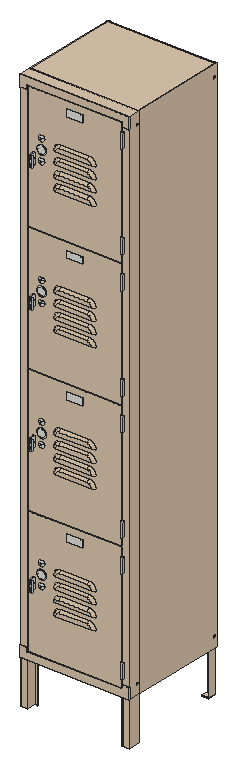
Revit family "Metal_Lockers-Salsbury_Industries-54000_Series-1_Wide_Units", category Specialty Equipment, Revit 2016 (continued)
Definition of nested family "Metal Locker Doors-15 inch with Latch Hasps"
  Forms (in)
    Blend 7, solid, material <- "Primary Structure Material", visible <- "Visible"
      top sketch origin (0.875, -0.6375, 3.057) x (1, 0, 0) y (0, 0, 1)
        loop
          line (-3.30734, 7.593) -> (1.55734, 7.593)
          arc (1.55734, 7.593) -> (1.39259, 7.99075) -> (0.99484, 8.1555) r 0.5625
          line (0.99484, 8.1555) -> (-2.74484, 8.1555)
          arc (-2.74484, 8.1555) -> (-3.14259, 7.99075) -> (-3.30734, 7.593) r 0.5625
      from 0 to 0
    Blend 8, solid, material <- "Primary Structure Material", visible <- "Visible"
      base sketch origin (0.875, -0.45, 4.501) x (1, 0, 0) y (0, 0, 1)
        loop
          line (-3.75, 4.524) -> (2, 4.524)
          arc (2, 4.524) -> (1.70711, 5.23111) -> (1, 5.524) r 1
          line (1, 5.524) -> (-2.75, 5.524)
          arc (-2.75, 5.524) -> (-3.45711, 5.23111) -> (-3.75, 4.524) r 1
      top sketch origin (0.875, -0.6375, 4.501) x (1, 0, 0) y (0, 0, 1)
        loop
          line (-3.30734, 4.524) -> (1.55734, 4.524)
          arc (1.55734, 4.524) -> (1.39612, 4.91321) -> (1.00691, 5.07443) r 0.55043
          line (1.00691, 5.07443) -> (-2.75691, 5.07443)
          arc (-2.75691, 5.07443) -> (-3.14612, 4.91321) -> (-3.30734, 4.524) r 0.55043
      from 0 to 0
    Blend 9, solid, material <- "Primary Structure Material", visible <- "Visible"
      base sketch origin (0.875, -0.45, -0.193) x (1, 0, 0) y (0, 0, 1)
        loop
          line (-3.75, 7.593) -> (2, 7.593)
          arc (2, 7.593) -> (1.70711, 8.30011) -> (1, 8.593) r 1
          line (1, 8.593) -> (-2.75, 8.593)
          arc (-2.75, 8.593) -> (-3.45711, 8.30011) -> (-3.75, 7.593) r 1
      top sketch origin (0.875, -0.6375, -0.193) x (1, 0, 0) y (0, 0, 1)
        loop
          line (-3.30734, 7.593) -> (1.55734, 7.593)
          arc (1.55734, 7.593) -> (1.40401, 7.96317) -> (1.03384, 8.1165) r 0.5235
          line (1.03384, 8.1165) -> (-2.78384, 8.1165)
          arc (-2.78384, 8.1165) -> (-3.15401, 7.96317) -> (-3.30734, 7.593) r 0.5235
      from 0 to 0
    Blend 10, solid, material <- "Primary Structure Material", visible <- "Visible"
      base sketch origin (0.875, -0.45, 1.251) x (1, 0, 0) y (0, 0, 1)
        loop
          line (-3.75, 4.524) -> (2, 4.524)
          arc (2, 4.524) -> (1.70711, 5.23111) -> (1, 5.524) r 1
          line (1, 5.524) -> (-2.75, 5.524)
          arc (-2.75, 5.524) -> (-3.45711, 5.23111) -> (-3.75, 4.524) r 1
      top sketch origin (0.875, -0.6375, 1.251) x (1, 0, 0) y (0, 0, 1)
        loop
          line (-3.30734, 4.524) -> (1.55734, 4.524)
          arc (1.55734, 4.524) -> (1.39629, 4.9128) -> (1.00749, 5.07385) r 0.54985
          line (1.00749, 5.07385) -> (-2.75749, 5.07385)
          arc (-2.75749, 5.07385) -> (-3.14629, 4.9128) -> (-3.30734, 4.524) r 0.54985
      from 0 to 0
    Blend 11, solid, material <- "Hasp Plate Rivet Material", visible <- "Visible", detail levels medium+fine
      base sketch origin (0, -0.45, 0) x (1, 0, 0) y (0, 0, 1)
        loop
          circle (-4.576, 8.68) r 0.375
      top sketch origin (0, -0.45, 0) x (1, 0, 0) y (0, 0, 1)
        loop
          circle (-4.576, 8.68) r 0.09706
      from 0 to 0.03497
    Blend 12, solid, material <- "Hasp Plate Rivet Material", visible <- "Visible", detail levels medium+fine
      base sketch origin (0, -0.45, 2.83682) x (1, 0, 0) y (0, 0, 1)
        loop
          circle (-4.576, 8.68) r 0.375
      top sketch origin (0, -0.45, 2.83682) x (1, 0, 0) y (0, 0, 1)
        loop
          circle (-4.576, 8.68) r 0.09706
      from 0 to 0.03497
    Blend 13, solid, material <- "Hasp Plate Rivet Material", visible <- "Visible", detail levels medium+fine
      base sketch origin (0, -0.45, -0.16841) x (1, 0, 0) y (0, 0, 1)
        loop
          circle (-4.576, 10.26682) r 0.625
      top sketch origin (0, -0.45, -0.16841) x (1, 0, 0) y (0, 0, 1)
        loop
          circle (-4.576, 10.26682) r 0.58088
      from 0 to 0.03497
    Extrusion 14, solid, material <- "Hasp Plate Rivet Material", visible <- "Visible"
      sketch origin (0, 0, 7.961) x (0, -1, 0) y (1, 0, 0)
        loop
          line (-0.45, -5.57527) -> (-0.45, -5.63777) -> (1.2, -5.63777)
          arc (1.2, -5.63777) -> (1.24419, -5.61946) -> (1.2625, -5.57527) r 0.0625
          line (1.2625, -5.57527) -> (1.2625, -5.26277) -> (1.20579, -5.26277) -> (1.20579, -5.5127)
          arc (1.20579, -5.5127) -> (1.18746, -5.55694) -> (1.14322, -5.57527) r 0.06257
          line (1.14322, -5.57527) -> (-0.45, -5.57527)
      from 0 to 1.438
    Extrusion 15, solid, material <- "Hasp Plate Rivet Material", visible <- "Visible"
      sketch origin (0, 0, 7.961) x (0, -1, 0) y (1, 0, 0)
        loop
          line (-0.45, -5.70027) -> (1.2625, -5.70027) -> (1.2625, -5.63777) -> (-0.45, -5.63777) -> (-0.45, -5.70027)
      from 0 to 1.438
    Extrusion 16, void
      sketch origin (-5.513, 0, 0) x (0, 0, -1) y (0, -1, 0)
        loop
          circle (-8.68, 0.82219) r 0.375
      from 0 to 0.25
  Cuts and joins
    Extrusion 3, Extrusion 6 cuts Extrusion 1
    Extrusion 16 cuts Extrusion 14
    Extrusion 16 cuts Extrusion 15
  Lines and regions (in)
    symbolic lines
      curve 1: line (-6.4505, -0.45, 17.36) -> (6.4505, -0.45, 17.36)
      curve 2: line (-6.4505, -0.45, 0) -> (-6.4505, -0.45, 17.36)
      curve 3: line (6.4505, -0.45, 0) -> (-6.4505, -0.45, 0)
      curve 4: line (6.4505, -0.45, 17.36) -> (6.4505, -0.45, 0)
      curve 5: line (2.43234, -0.6375, 7.961) -> (2.875, -0.45, 7.961)
      curve 6: line (-2.43234, -0.6375, 7.961) -> (-2.875, -0.45, 7.961)
      curve 7: line (-2.43234, -0.6375, 7.961) -> (2.43234, -0.6375, 7.961)
      curve 8: line (-2.875, -0.45, 10.65) -> (2.875, -0.45, 10.65)
      curve 9: line (1.875, -0.45, 11.65) -> (-1.875, -0.45, 11.65)
      curve 10: line (-2.875, -0.45, 9.025) -> (2.875, -0.45, 9.025)
      curve 11: line (1.875, -0.45, 10.025) -> (-1.875, -0.45, 10.025)
      curve 12: line (-2.875, -0.45, 7.4) -> (2.875, -0.45, 7.4)
      curve 13: line (1.875, -0.45, 8.4) -> (-1.875, -0.45, 8.4)
      curve 14: line (-2.875, -0.45, 5.775) -> (2.875, -0.45, 5.775)
      curve 15: line (1.875, -0.45, 6.775) -> (-1.875, -0.45, 6.775)
      curve 16: arc (-2.875, -0.45, 10.65) -> (-2.58211, -0.45, 11.35711) -> (-1.875, -0.45, 11.65) r 1
      curve 17: arc (2.875, -0.45, 10.65) -> (2.58211, -0.45, 11.35711) -> (1.875, -0.45, 11.65) r 1
      curve 18: arc (-2.875, -0.45, 9.025) -> (-2.58211, -0.45, 9.73211) -> (-1.875, -0.45, 10.025) r 1
      curve 19: arc (2.875, -0.45, 9.025) -> (2.58211, -0.45, 9.73211) -> (1.875, -0.45, 10.025) r 1
      curve 20: arc (-2.875, -0.45, 7.4) -> (-2.58211, -0.45, 8.10711) -> (-1.875, -0.45, 8.4) r 1
      curve 21: arc (2.875, -0.45, 7.4) -> (2.58211, -0.45, 8.10711) -> (1.875, -0.45, 8.4) r 1
      curve 22: arc (-2.875, -0.45, 5.775) -> (-2.58211, -0.45, 6.48211) -> (-1.875, -0.45, 6.775) r 1
      curve 23: arc (2.875, -0.45, 5.775) -> (2.58211, -0.45, 6.48211) -> (1.875, -0.45, 6.775) r 1
      curve 24: line (-5.513, -1.2625, 9.399) -> (-5.513, -0.45, 9.399)
      curve 25: line (-5.513, -1.2625, 7.961) -> (-5.513, -0.45, 7.961)
      curve 26: line (-5.513, -1.2625, 9.399) -> (-5.513, -1.2625, 7.961)
      curve 27: line (-5.70027, -0.44719, 7.961) -> (-5.63777, -0.44719, 7.961)
      curve 28: line (-5.70027, -1.2625, 7.961) -> (-5.70027, -0.44719, 7.961)
      curve 29: line (-5.63777, -1.2625, 7.961) -> (-5.70027, -1.2625, 7.961)
      curve 30: line (-5.63777, -0.44719, 7.961) -> (-5.63777, -1.2625, 7.961)
      curve 31: line (-5.57527, -0.44719, 7.961) -> (-5.57527, -1.14322, 7.961)
      curve 32: line (-5.5127, -1.20579, 7.961) -> (-5.26277, -1.20579, 7.961)
      curve 33: line (-5.26277, -1.20579, 7.961) -> (-5.26277, -1.2625, 7.961)
      curve 34: line (-5.26277, -1.2625, 7.961) -> (-5.57527, -1.2625, 7.961)
      curve 35: arc (-5.57527, -1.2625, 7.961) -> (-5.61946, -1.24419, 7.961) -> (-5.63777, -1.2, 7.961) r 0.0625
      curve 36: arc (-5.57527, -1.14322, 7.961) -> (-5.55694, -1.18746, 7.961) -> (-5.5127, -1.20579, 7.961) r 0.06257
      curve 37: line (-5.70027, -0.45, 9.399) -> (-5.26277, -0.45, 9.399)
      curve 38: line (-5.70027, -0.45, 7.961) -> (-5.70027, -0.45, 9.399)
      curve 39: line (-5.26277, -0.45, 7.961) -> (-5.70027, -0.45, 7.961)
      curve 40: line (-5.26277, -0.45, 9.399) -> (-5.26277, -0.45, 7.961)
      curve 41: line (-5.63777, -0.45, 9.399) -> (-5.63777, -0.45, 7.961)
      curve 42: circle (-4.576, -0.45, 10.09841) r 0.625 normal (0, -1, 0)
      curve 43: circle (-4.576, -0.45, 11.51682) r 0.37228 normal (0, -1, 0)
      curve 44: circle (-4.576, -0.45, 8.68) r 0.375 normal (0, -1, 0)
  Dimensions and locks (in)
    equal spacing: plane 5 "Top of Door", plane 4 "Center (Top/Bottom)", plane 2 "Bottom of Door"
    "Height": plane 5 "Top of Door" to plane 2 "Bottom of Door"
    equal spacing: plane 8 "Front of Door", plane 1 "Center (Front/Back)", plane 9 "Back of Door"
    "Depth": plane 8 "Front of Door" to plane 9 "Back of Door"
    equal spacing: plane 7 "Left Side of Door", plane 3 "Center (Left/Right)", plane 6 "Right Side of Door"
    "Width": plane 7 "Left Side of Door" to plane 6 "Right Side of Door"
    "Number Plate Alignment": plane 5 "Top of Door" to plane 10 "Top of Number Plate" to plane 22
    equal spacing: plane 17 "Left Side of Louvers", plane 3 "Center (Left/Right)", plane 18 "Right Side of Louvers"
    "Louver Width": plane 17 "Left Side of Louvers" to plane 18 "Right Side of Louvers"
    "Louver Set Vertical Alignment": plane 5 "Top of Door" to plane 11 "Top of Top Vent 1"
    plane 11 "Top of Top Vent 1" to plane 12 "Top of Top Vent 2" to plane 13 "Top of Top Vent 3" to plane 14 "Top of Top Vent 4" = 1.625", 1.625", 1.625"
    plane 29 "Top Hasp Stud Align" to plane 28 "Center Hasp Stud Align" to plane 15 "Top of Hasp Alignment" to plane 4 "Center (Top/Bottom)" to plane 16 "Bottom of Hasp Alignment" = 1.41841", 0.69941", 0.719", 0.719"
    "Hasp Height": plane 15 "Top of Hasp Alignment" to plane 16 "Bottom of Hasp Alignment"
    locked: plane 19 "Front of Louvers" to plane 8 "Front of Door" at 0.1875
    plane 20 to plane 3 "Center (Left/Right)" to plane 21 = 1.094" locked, 1.094" locked
    "Hinge 1 Placement": plane 5 "Top of Door" to plane 25 "Top of Hinge 1"
    "Hinge 2 Placement": plane 5 "Top of Door" to plane 24 "Top of Hinge 2"
    plane 7 "Left Side of Door" to plane 26 "Left Hasp Hole Align" to plane 27 "Right Hasp Hole Align" to plane 30 "Vertical Hasp Stud Align" = 0.6875" locked, 0.250" locked, 0.937" locked
    plane 11 "Top of Top Vent 1" to plane 31 = 1.000"
    plane 12 "Top of Top Vent 2" to plane 32 = 1.000"
    plane 13 "Top of Top Vent 3" to plane 33 = 1.000"
    plane 14 "Top of Top Vent 4" to plane 34 = 1.000"
    locked: plane 36 to plane 35 "Vertical Center Hasp Align" at 0.0625
    locked: plane 35 "Vertical Center Hasp Align" to plane 37 at 0.375
    locked: plane 26 "Left Hasp Hole Align" to plane 35 "Vertical Center Hasp Align" at 0.12523
    plane 17 "Left Side of Louvers" to plane 39 = 0.44266"
    plane 38 to plane 18 "Right Side of Louvers" = 0.44266"
    aligned and locked: level to plane 2 "Bottom of Door"
    aligned and locked: plane 5 "Top of Door" to Extrusion 1 sketch curve
    aligned and locked: Extrusion 1 sketch curve to plane 7 "Left Side of Door"
    aligned and locked: plane 2 "Bottom of Door" to Extrusion 1 sketch curve
    aligned and locked: plane 6 "Right Side of Door" to Extrusion 1 sketch curve
    aligned and locked: plane 15 "Top of Hasp Alignment" to Extrusion 6 sketch curve
    aligned and locked: Extrusion 6 sketch curve to plane 26 "Left Hasp Hole Align"
    aligned and locked: Extrusion 6 sketch curve to plane 16 "Bottom of Hasp Alignment"
    aligned and locked: plane 27 "Right Hasp Hole Align" to Extrusion 6 sketch curve
    aligned and locked: plane 11 "Top of Top Vent 1" to Blend 7
    aligned and locked: plane 12 "Top of Top Vent 2" to Blend 8
    aligned and locked: plane 13 "Top of Top Vent 3" to Blend 9
    aligned and locked: plane 14 "Top of Top Vent 4" to Blend 10
    aligned and locked: Blend 7 to plane 31
    aligned and locked: Blend 7 sketch curve to plane 11 "Top of Top Vent 1"
    aligned and locked: Blend 7 sketch curve to plane 31  (x2)
    aligned and locked: Blend 8 sketch curve to plane 12 "Top of Top Vent 2"
    aligned and locked: Blend 8 sketch curve to plane 32  (x2)
    aligned and locked: Blend 9 sketch curve to plane 13 "Top of Top Vent 3"
    aligned and locked: Blend 9 sketch curve to plane 33  (x2)
    aligned and locked: Blend 10 sketch curve to plane 14 "Top of Top Vent 4"
    aligned and locked: Blend 10 sketch curve to plane 34  (x2)
    aligned and locked: plane 29 "Top Hasp Stud Align" to Blend 12 sketch curve  (x2)
    aligned and locked: plane 4 "Center (Top/Bottom)" to Blend 11 sketch curve  (x2)
    aligned and locked: plane 28 "Center Hasp Stud Align" to Blend 13 sketch curve  (x2)
    aligned and locked: plane 35 "Vertical Center Hasp Align" to Extrusion 15 sketch curve
    aligned and locked: plane 35 "Vertical Center Hasp Align" to Extrusion 14 sketch curve
    aligned and locked: plane 4 "Center (Top/Bottom)" to Extrusion 16 sketch curve
    aligned and locked: plane 36 to cut or joined group of Extrusion 15, Extrusion 16
    aligned and locked: plane 37 to cut or joined group of Extrusion 14, Extrusion 16
    aligned and locked: curve 1 to cut or joined group of Extrusion 1, Extrusion 3, Extrusion 6
    aligned and locked: curve 2 to cut or joined group of Extrusion 1, Extrusion 3, Extrusion 6
    aligned and locked: curve 3 to cut or joined group of Extrusion 1, Extrusion 3, Extrusion 6
    aligned and locked: curve 4 to cut or joined group of Extrusion 1, Extrusion 3, Extrusion 6
    aligned and locked: curve 5 to Blend 8
    aligned and locked: curve 6 to Blend 8
    aligned and locked: curve 8 to Blend 7
    aligned and locked: curve 9 to Blend 7
    aligned and locked: curve 10 to Blend 8
    aligned and locked: curve 11 to Blend 8
    aligned and locked: curve 12 to Blend 9
    aligned and locked: curve 13 to Blend 9
    aligned and locked: curve 14 to Blend 10
    aligned and locked: curve 15 to Blend 10
    aligned and locked: curve 24 to cut or joined group of Extrusion 14, Extrusion 16
    aligned and locked: curve 25 to cut or joined group of Extrusion 14, Extrusion 16
    aligned and locked: curve 26 to cut or joined group of Extrusion 14, Extrusion 16
    aligned and locked: curve 28 to cut or joined group of Extrusion 15, Extrusion 16
    aligned and locked: curve 29 to cut or joined group of Extrusion 15, Extrusion 16
    aligned and locked: cut or joined group of Extrusion 15, Extrusion 16 to curve 30
    aligned and locked: cut or joined group of Extrusion 14, Extrusion 16 to curve 31
    aligned and locked: curve 32 to cut or joined group of Extrusion 14, Extrusion 16
    aligned and locked: curve 33 to cut or joined group of Extrusion 14, Extrusion 16
    aligned and locked: curve 34 to cut or joined group of Extrusion 14, Extrusion 16
    aligned and locked: curve 37 to cut or joined group of Extrusion 15, Extrusion 16
    aligned and locked: curve 38 to cut or joined group of Extrusion 15, Extrusion 16
    aligned and locked: curve 39 to cut or joined group of Extrusion 14, Extrusion 16
    aligned and locked: curve 40 to cut or joined group of Extrusion 14, Extrusion 16
    aligned and locked: curve 41 to cut or joined group of Extrusion 14, Extrusion 16
  Automatic sketch dimensions
    Extrusion 2 sketch curve to plane 3 "Center (Left/Right)" = 0.000"  (x2)
    plane 17 "Left Side of Louvers" to Extrusion 2 sketch curve = 0.14094"
    Extrusion 2 sketch curve to plane 18 "Right Side of Louvers" = 0.14094"
    Extrusion 2 sketch curve to level = 4.03954"
    plane 25 "Top of Hinge 1" to Extrusion 2 sketch curve = 0.31079"  (x2)
    Extrusion 2 sketch curve to plane 5 "Top of Door" = 12.81272"
    Extrusion 2 sketch curve to plane 20 = 0.02553"  (x2)
    plane 21 to Extrusion 2 sketch curve = 0.02553"
    Extrusion 2 sketch curve to plane 22 = 0.03897"
    plane 13 "Top of Top Vent 3" to Extrusion 3 sketch curve = 0.06135"
    Extrusion 3 sketch curve to plane 1 "Center (Front/Back)" = 0.0313"
    Extrusion 4 sketch curve to plane 6 "Right Side of Door" = 0.000"
    plane 8 "Front of Door" to Extrusion 4 sketch curve = 0.000"
    Extrusion 4 sketch curve to plane 19 "Front of Louvers" = 0.0625"
    Extrusion 4 sketch curve to plane 6 "Right Side of Door" = 0.125"
    Extrusion 5 sketch curve to plane 6 "Right Side of Door" = 0.000"
    plane 8 "Front of Door" to Extrusion 5 sketch curve = 0.000"
    Extrusion 5 sketch curve to plane 19 "Front of Louvers" = 0.0625"
    Extrusion 5 sketch curve to plane 6 "Right Side of Door" = 0.125"
    plane 17 "Left Side of Louvers" to Blend 7 sketch curve = 0.000"
    plane 18 "Right Side of Louvers" to Blend 7 sketch curve = 0.000"
    plane 23 "Center Hasp" to Blend 7 sketch curve = 0.65684"
    plane 20 to Blend 7 sketch curve = 0.77584"
    Blend 7 sketch curve to plane 21 = 0.77584"
    plane 17 "Left Side of Louvers" to Blend 8 sketch curve = 0.000"
    plane 18 "Right Side of Louvers" to Blend 8 sketch curve = 0.000"
    plane 23 "Center Hasp" to Blend 8 sketch curve = 0.65684"
    plane 20 to Blend 8 sketch curve = 0.78791"
    Blend 8 sketch curve to plane 21 = 0.78791"
    plane 17 "Left Side of Louvers" to Blend 9 sketch curve = 0.000"
    plane 18 "Right Side of Louvers" to Blend 9 sketch curve = 0.000"
    plane 23 "Center Hasp" to Blend 9 sketch curve = 0.65684"
    plane 16 "Bottom of Hasp Alignment" to Blend 9 sketch curve = 0.0375"
    Blend 9 sketch curve to plane 21 = 0.81484"
    plane 17 "Left Side of Louvers" to Blend 10 sketch curve = 0.000"
    plane 18 "Right Side of Louvers" to Blend 10 sketch curve = 0.000"
    plane 23 "Center Hasp" to Blend 10 sketch curve = 0.65684"
    plane 20 to Blend 10 sketch curve = 0.78849"
    Blend 10 sketch curve to plane 21 = 0.78849"
    plane 30 "Vertical Hasp Stud Align" to Blend 11 sketch curve = 0.000"  (x2)
    plane 30 "Vertical Hasp Stud Align" to Blend 12 sketch curve = 0.000"  (x2)
    plane 30 "Vertical Hasp Stud Align" to Blend 13 sketch curve = 0.000"  (x2)
    Extrusion 14 sketch curve to plane 1 "Center (Front/Back)" = 0.450"
    plane 27 "Right Hasp Hole Align" to Extrusion 14 sketch curve = 0.06227"
    Extrusion 14 sketch curve to plane 27 "Right Hasp Hole Align" = 0.0003"
    plane 19 "Front of Louvers" to Extrusion 14 sketch curve = 0.50572"
    Extrusion 14 sketch curve to Extrusion 14 sketch curve = 0.05678"
    Extrusion 14 sketch curve to Extrusion 14 sketch curve = 0.24993"
    plane 9 "Back of Door" to Extrusion 15 sketch curve = 0.000"
    plane 19 "Front of Louvers" to Extrusion 15 sketch curve = 0.625"
    Extrusion 15 sketch curve to plane 26 "Left Hasp Hole Align" = 0.06273"
    Extrusion 14 sketch curve to Extrusion 14 sketch curve = 0.06257"
    plane 19 "Front of Louvers" to Extrusion 16 sketch curve = 0.18469"
    curve 24 to plane 8 "Front of Door" = 0.000"
    curve 25 to plane 8 "Front of Door" = 0.000"
    curve 6 to plane 17 "Left Side of Louvers" = 0.000"
    curve 5 to plane 18 "Right Side of Louvers" = 0.000"
    curve 5 to plane 38 = 0.000"
    curve 30 to plane 8 "Front of Door" = 0.00281"
    curve 36 to plane 27 "Right Hasp Hole Align" = 0.0003"
    curve 36 to curve 35 = 0.05678"
    curve 31 to plane 8 "Front of Door" = 0.00281"
    curve 43 to plane 29 "Top Hasp Stud Align" = 0.000"
    plane 30 "Vertical Hasp Stud Align" to curve 43 = 0.000"
    curve 42 to plane 28 "Center Hasp Stud Align" = 0.000"
    plane 30 "Vertical Hasp Stud Align" to curve 42 = 0.000"
    curve 44 to plane 4 "Center (Top/Bottom)" = 0.000"
    plane 30 "Vertical Hasp Stud Align" to curve 44 = 0.000"
    plane 17 "Left Side of Louvers" to curve 20 = 0.000"
    plane 17 "Left Side of Louvers" to curve 10 = 0.000"
    plane 17 "Left Side of Louvers" to curve 14 = 0.000"
    plane 17 "Left Side of Louvers" to curve 8 = 0.000"
    plane 18 "Right Side of Louvers" to curve 23 = 0.000"
    plane 18 "Right Side of Louvers" to curve 10 = 0.000"
    plane 18 "Right Side of Louvers" to curve 21 = 0.000"
    plane 18 "Right Side of Louvers" to curve 17 = 0.000"
    radius of Extrusion 3 sketch curve = 0.200"
    radius of Blend 11 sketch curve = 0.375"
    radius of Blend 11 sketch curve = 0.09706"
    radius of Blend 12 sketch curve = 0.375"
    radius of Blend 12 sketch curve = 0.09706"
    radius of Blend 13 sketch curve = 0.625"
    radius of Blend 13 sketch curve = 0.58088"
    radius of Extrusion 16 sketch curve = 0.375"
    radius of curve 42 = 0.625"
    radius of curve 43 = 0.37228"
    radius of curve 44 = 0.375"
Definition of nested family "Metal Locker Front Base"
  Parameters (values of type "77745 - for 15" W Lockers with Legs")
    Width = 13.040"
    Visible [instance] = yes
    Version = "1.0 (11/30/15)"
    Type Comments = "Front Base for Standard Metal Lockers"
    Primary Structure Material = none
    Model = "77745"
    MasterFormat Title = ""
    MasterFormat Number = ""
    Manufacturer = "Salsbury Industries"
    Description = "Front Base for 15\" Wide Lockers"
    Depth = 1.185"
    Height = 6.000"
    Assembly Code = ""
  Types (3): name | Width | Visible | Model | Description
    77742 - for 12" W Lockers with Legs | 10.040" | yes | "77742" | "Front Base for 12\" Wide Lockers"
    77745 - for 15" W Lockers with Legs | 13.040" | yes | "77745" | "Front Base for 15\" Wide Lockers"
    None | 10.040" | no | "77742" | "Front Base for 12\" Wide Lockers"
  Reference planes (in)
    plane 1 "Center (Front/Back)": y = -5.417
    plane 2: z = 0
    plane 3 "Center (Left/Right)": x = 0
    plane 4 "Floor": z = 0
    plane 5 "Top of Enclosure": z = 6
    plane 6 "Front of Enclosure": y = -6.005
    plane 7 "Right Side of Enclosure": x = 6.52
    plane 8 "Left Side of Enclosure": x = -6.52
    plane 9 "Back of Enclosure": y = -4.82
  Forms (in)
    Extrusion 1, solid, material <- "Primary Structure Material", visible <- "Visible"
      sketch origin (0, -6.005, 0) x (1, 0, 0) y (0, 0, 1)
        loop
          line (-6.52, 6) -> (-6.52, 0) -> (6.52, 0) -> (6.52, 6) -> (-6.52, 6)
      from -0.06 to 0
    Extrusion 2, solid, material <- "Primary Structure Material", visible <- "Visible"
      sketch origin (0, 0, 0) x (0, 1, 0) y (0, 0, 1)
        loop
          line (-5.945, 6) -> (-5.945, 5.94) -> (-4.82, 5.94) -> (-4.82, 6) -> (-5.945, 6)
      from -6.52 to 6.52
    Extrusion 3, solid, material <- "Primary Structure Material", visible <- "Visible"
      sketch origin (6.52, 0, 0) x (0, 0, -1) y (0, -1, 0)
        loop
          line (-5.75, 5.945) -> (-5.75, 4.82) -> (-0.25, 4.82) -> (-0.25, 5.945) -> (-5.75, 5.945)
      from 0 to 0.06
    Extrusion 4, solid, material <- "Primary Structure Material", visible <- "Visible"
      sketch origin (-6.52, 0, 0) x (0, 0, -1) y (0, -1, 0)
        loop
          line (-5.75, 5.945) -> (-5.75, 4.82) -> (-0.25, 4.82) -> (-0.25, 5.945) -> (-5.75, 5.945)
      from 0 to -0.06
  Dimensions and locks (in)
    "Height": plane 5 "Top of Enclosure" to plane 4 "Floor"
    plane 6 "Front of Enclosure" to plane 1 "Center (Front/Back)" = 0.588"
    "Depth": plane 6 "Front of Enclosure" to plane 9 "Back of Enclosure"
    equal spacing: plane 8 "Left Side of Enclosure", plane 3 "Center (Left/Right)", plane 7 "Right Side of Enclosure"
    "Width": plane 8 "Left Side of Enclosure" to plane 7 "Right Side of Enclosure"
    aligned and locked: level to plane 2
    aligned and locked: plane 8 "Left Side of Enclosure" to Extrusion 2
    aligned and locked: Extrusion 2 to plane 7 "Right Side of Enclosure"
    aligned and locked: Extrusion 1 to plane 7 "Right Side of Enclosure"
  Automatic sketch dimensions
    Extrusion 1 sketch curve to Extrusion 1 sketch curve = 13.040"
    Extrusion 1 sketch curve to Extrusion 1 sketch curve = 6.000"
    Extrusion 2 sketch curve to Extrusion 2 sketch curve = 1.125"
    Extrusion 2 sketch curve to Extrusion 2 sketch curve = 0.060"
    Extrusion 3 sketch curve to Extrusion 3 sketch curve = 5.500"
    Extrusion 3 sketch curve to Extrusion 3 sketch curve = 1.125"
    Extrusion 4 sketch curve to Extrusion 4 sketch curve = 5.500"
    Extrusion 4 sketch curve to Extrusion 4 sketch curve = 1.125"
    Extrusion 1 sketch curve to level = 0.000"
    plane 8 "Left Side of Enclosure" to Extrusion 1 sketch curve = 0.000"
    plane 5 "Top of Enclosure" to Extrusion 2 sketch curve = 0.000"
    Extrusion 2 sketch curve to plane 9 "Back of Enclosure" = 0.000"
    Extrusion 3 sketch curve to plane 9 "Back of Enclosure" = 0.000"
    plane 5 "Top of Enclosure" to Extrusion 3 sketch curve = 0.250"
    Extrusion 4 sketch curve to plane 9 "Back of Enclosure" = 0.000"
    plane 5 "Top of Enclosure" to Extrusion 4 sketch curve = 0.250"
Definition of nested family "Metal Locker Right Side Base"
  Parameters (values of type "77732 Right - for 12" D Lockers with Legs")
    Width including Rivet [instance] = 1.290"
    Visible = yes
    Primary Structure Material = none
    Depth = 10.422"
    Version = "1.0 (11/30/15)"
    Type Comments = "End Base for Standard Metal Lockers"
    Model = "77732"
    MasterFormat Title = ""
    MasterFormat Number = ""
    Manufacturer = "Salsbury Industries"
    Description = "1.25\"W x 6\" H x 10\"D"
    Width = 1.250"
    Height = 6.000"
    Assembly Code = ""
  Types (4): name | Visible | Depth | Model | Description
    77732 Right - for 12" D Lockers with Legs | yes | 10.422" | "77732" | "1.25\"W x 6\" H x 10\"D"
    77735 Right - for 15" D Lockers with Legs | yes | 13.422" | "77735" | "1.25\"W x 6\" H x 13\"D"
    77738 Right - for 18" D Lockers with Legs | yes | 16.422" | "77738" | "1.25\"W x 6\" H x 16\"D"
    None | no | 10.422" | "" | ""
  Reference planes (in)
    plane 1 "Center (Front/Back)": y = 0
    plane 2: z = 0
    plane 3 "Center (Left/Right)": x = 5.395
    plane 4 "Floor": z = 0
    plane 5 "Top of Enclosure": z = 6
    plane 6 "Left Side of Unit": x = 4.77
    plane 7 "Right Side of Unit": x = 6.02
    plane 8 "Left Edge of Enclosure": y = -5.211
    plane 9 "Right Edge of Enclosure": y = 5.211
    plane 10 "Left Edge of Insert": y = -6.27647
    plane 11 "Right Edge of Insert": y = -5.15147
    plane 12 "Rivet Edge": x = 6.06
  Forms (in)
    Extrusion 1, solid, material <- "Primary Structure Material", visible <- "Visible"
      sketch origin (6.02, 0, 0) x (0, 0, -1) y (0, -1, 0)
        loop
          line (-6, 5.211) -> (-6, -5.211) -> (0, -5.211) -> (0, 5.211) -> (-6, 5.211)
      from 0 to 0.06
    Extrusion 2, solid, material <- "Primary Structure Material", visible <- "Visible"
      sketch origin (0, 0, 6) x (0, -1, 0) y (1, 0, 0)
        loop
          line (5.15147, 5.96) -> (5.15147, 5.9) -> (6.27647, 5.9) -> (6.27647, 5.96) -> (5.15147, 5.96)
      from -6 to 0
    Extrusion 3, solid, material <- "Primary Structure Material", visible <- "Visible"
      sketch origin (6.02, 0, 0) x (0, 0, -1) y (0, -1, 0)
        loop
          line (-6, 4.90147) -> (-6, -3.961) -> (-5.94, -3.961) -> (-5.94, 4.90147) -> (-6, 4.90147)
      from 0.06 to 1.25
    Extrusion 4, solid, material <- "Primary Structure Material", visible <- "Visible"
      sketch origin (6.02, 0, -5.94) x (0, 0, -1) y (0, -1, 0)
        loop
          line (-6, 4.90147) -> (-6, -3.961) -> (-5.94, -3.961) -> (-5.94, 4.90147) -> (-6, 4.90147)
      from 0.06 to 1.25
  Dimensions and locks (in)
    "Height": plane 5 "Top of Enclosure" to plane 4 "Floor"
    plane 10 "Left Edge of Insert" to plane 8 "Left Edge of Enclosure" to plane 11 "Right Edge of Insert" = 1.06547" locked, 0.05953" locked
    equal spacing: plane 8 "Left Edge of Enclosure", plane 1 "Center (Front/Back)", plane 9 "Right Edge of Enclosure"
    "Depth": plane 8 "Left Edge of Enclosure" to plane 9 "Right Edge of Enclosure"
    equal spacing: plane 6 "Left Side of Unit", plane 3 "Center (Left/Right)", plane 7 "Right Side of Unit"
    "Width": plane 6 "Left Side of Unit" to plane 7 "Right Side of Unit"
    locked: plane 7 "Right Side of Unit" to plane 12 "Rivet Edge" at 0.04
    "Width including Rivet": plane 6 "Left Side of Unit" to plane 12 "Rivet Edge"
    aligned and locked: level to plane 2
    aligned and locked: plane 11 "Right Edge of Insert" to Extrusion 2
    aligned and locked: plane 10 "Left Edge of Insert" to Extrusion 2
    aligned and locked: Extrusion 3 to Extrusion 1
    aligned and locked: plane 6 "Left Side of Unit" to Extrusion 3
  Automatic sketch dimensions
    plane 5 "Top of Enclosure" to Extrusion 1 sketch curve = 0.000"
    Extrusion 1 sketch curve to level = 0.000"
    Extrusion 2 sketch curve to plane 8 "Left Edge of Enclosure" = 0.05953"
    plane 7 "Right Side of Unit" to Extrusion 2 sketch curve = 0.120"
    Extrusion 2 sketch curve to Extrusion 2 sketch curve = 0.060"
    Extrusion 1 sketch curve to plane 8 "Left Edge of Enclosure" = 0.000"
    Extrusion 1 sketch curve to plane 9 "Right Edge of Enclosure" = 0.000"
    plane 10 "Left Edge of Insert" to Extrusion 2 sketch curve = 0.000"
    plane 5 "Top of Enclosure" to Extrusion 3 sketch curve = 0.000"
    Extrusion 3 sketch curve to Extrusion 3 sketch curve = 0.060"
    plane 9 "Right Edge of Enclosure" to Extrusion 3 sketch curve = 1.250"
    Extrusion 3 sketch curve to plane 11 "Right Edge of Insert" = 0.250"
    Extrusion 4 sketch curve to level = 0.000"
    level to Extrusion 4 sketch curve = 0.060"
    plane 9 "Right Edge of Enclosure" to Extrusion 4 sketch curve = 1.250"
    Extrusion 4 sketch curve to plane 11 "Right Edge of Insert" = 0.250"
Definition of nested family "Metal Locker Left Side Base"
  Parameters (values of type "77732 Left - for 12" D Lockers with Legs")
    Width including Rivet [instance] = 1.290"
    Visible = yes
    Primary Structure Material = none
    Depth = 10.422"
    Version = "1.0 (11/30/15)"
    Type Comments = "End Base for Standard Metal Lockers"
    Model = "77732"
    MasterFormat Title = ""
    MasterFormat Number = ""
    Manufacturer = "Salsbury Industries"
    Description = "1.25\"W x 6\" H x 10\"D"
    Width = 1.250"
    Height = 6.000"
    Assembly Code = ""
  Types (4): name | Visible | Depth | Model | Description
    77732 Left - for 12" D Lockers with Legs | yes | 10.422" | "77732" | "1.25\"W x 6\" H x 10\"D"
    77735 Left - for 15" D Lockers with Legs | yes | 13.422" | "77735" | "1.25\"W x 6\" H x 13\"D"
    77738 Left - for 18" D Lockers with Legs | yes | 16.422" | "77738" | "1.25\"W x 6\" H x 16\"D"
    None | no | 10.422" | "" | ""
  Reference planes (in)
    plane 1 "Center (Front/Back)": y = 0
    plane 2: z = 0
    plane 3 "Center (Left/Right)": x = 5.395
    plane 4 "Floor": z = 0
    plane 5 "Top of Enclosure": z = 6
    plane 6 "Left Side of Unit": x = 4.77
    plane 7 "Right Side of Unit": x = 6.02
    plane 8 "Left Edge of Enclosure": y = -5.211
    plane 9 "Right Edge of Enclosure": y = 5.211
    plane 10 "Left Edge of Insert": y = -6.27647
    plane 11 "Right Edge of Insert": y = -5.15147
    plane 12 "Edge of Rivet": x = 4.73
  Forms (in)
    Extrusion 1, solid, material <- "Primary Structure Material", visible <- "Visible"
      sketch origin (6.02, 0, 0) x (0, 0, -1) y (0, -1, 0)
        loop
          line (-6, 4.90147) -> (-6, -3.961) -> (-5.94, -3.961) -> (-5.94, 4.90147) -> (-6, 4.90147)
      from 0 to 1.19
    Extrusion 2, solid, material <- "Primary Structure Material", visible <- "Visible"
      sketch origin (6.02, 0, -5.94) x (0, 0, -1) y (0, -1, 0)
        loop
          line (-6, 4.90147) -> (-6, -3.961) -> (-5.94, -3.961) -> (-5.94, 4.90147) -> (-6, 4.90147)
      from 0 to 1.19
    Extrusion 3, solid, material <- "Primary Structure Material", visible <- "Visible"
      sketch origin (4.77, 0, 0) x (0, 0, -1) y (0, 1, 0)
        loop
          line (-6, -5.211) -> (0, -5.211) -> (0, 5.211) -> (-6, 5.211) -> (-6, -5.211)
      from 0 to 0.06
    Extrusion 4, solid, material <- "Primary Structure Material", visible <- "Visible"
      sketch origin (10.79, 0, 6) x (0, -1, 0) y (1, 0, 0)
        loop
          line (5.15147, -5.96) -> (6.27647, -5.96) -> (6.27647, -5.9) -> (5.15147, -5.9) -> (5.15147, -5.96)
      from -6 to 0
  Dimensions and locks (in)
    "Height": plane 5 "Top of Enclosure" to plane 4 "Floor"
    plane 10 "Left Edge of Insert" to plane 8 "Left Edge of Enclosure" to plane 11 "Right Edge of Insert" = 1.06547" locked, 0.05953" locked
    equal spacing: plane 8 "Left Edge of Enclosure", plane 1 "Center (Front/Back)", plane 9 "Right Edge of Enclosure"
    "Depth": plane 8 "Left Edge of Enclosure" to plane 9 "Right Edge of Enclosure"
    equal spacing: plane 6 "Left Side of Unit", plane 3 "Center (Left/Right)", plane 7 "Right Side of Unit"
    "Width": plane 6 "Left Side of Unit" to plane 7 "Right Side of Unit"
    "Width including Rivet": plane 12 "Edge of Rivet" to plane 7 "Right Side of Unit"
    plane 12 "Edge of Rivet" to plane 6 "Left Side of Unit" = 0.040"
    aligned and locked: level to plane 2
    aligned and locked: Extrusion 1 to Extrusion 3
    aligned and locked: Extrusion 2 to Extrusion 3
  Automatic sketch dimensions
    plane 5 "Top of Enclosure" to Extrusion 1 sketch curve = 0.000"
    Extrusion 1 sketch curve to Extrusion 1 sketch curve = 0.060"
    plane 9 "Right Edge of Enclosure" to Extrusion 1 sketch curve = 1.250"
    Extrusion 1 sketch curve to plane 11 "Right Edge of Insert" = 0.250"
    Extrusion 2 sketch curve to level = 0.000"
    level to Extrusion 2 sketch curve = 0.060"
    plane 9 "Right Edge of Enclosure" to Extrusion 2 sketch curve = 1.250"
    Extrusion 2 sketch curve to plane 11 "Right Edge of Insert" = 0.250"
    plane 5 "Top of Enclosure" to Extrusion 3 sketch curve = 0.000"
    Extrusion 3 sketch curve to level = 0.000"
    Extrusion 3 sketch curve to plane 8 "Left Edge of Enclosure" = 0.000"
    Extrusion 3 sketch curve to plane 9 "Right Edge of Enclosure" = 0.000"
    plane 11 "Right Edge of Insert" to Extrusion 4 sketch curve = 0.000"
    plane 10 "Left Edge of Insert" to Extrusion 4 sketch curve = 0.000"
    plane 6 "Left Side of Unit" to Extrusion 4 sketch curve = 0.120"
    Extrusion 4 sketch curve to Extrusion 4 sketch curve = 0.060"
Definition of nested family "Metal Locker Zee Base"
  Parameters (values of type "77575 - 15"W x 15"D")
    Width = 15.040"
    Visible = yes
    Version = "1.0 (11/30/15)"
    Type Comments = "Zee Base Kit for Standard Metal Lockers - No Legs"
    Primary Structure Material = none
    Model = "77575"
    MasterFormat Title = ""
    MasterFormat Number = ""
    Manufacturer = "Salsbury Industries"
    Description = "4\" H x 6' L - for 12\" Deep Lockers (Includes 6 Foot Front Base, 2 End Bases, Corner Splicer and 4 Rear Legs)"
    Depth = 15.010"
    Height = 4.000"
    Assembly Code = ""
  Types (7): name | Width | Visible | Model | Depth
    77572- 12" W x 12" D | 12.040" | yes | "77572" | 12.010"
    77575 - 12" W x 15" D | 12.040" | yes | "77575" | 15.010"
    77578 - 12"W x 18"D | 12.040" | yes | "77578" | 18.010"
    77575 - 15"W x 15"D | 15.040" | yes | "77575" | 15.010"
    77578 - 15"W x 18"D | 15.040" | yes | "77578" | 18.010"
    None | 12.040" | no | "77572" | 12.010"
    77578 - 12"W x 18" D (Bridge) | 12.007" | yes | "77578" | 18.010"
  Reference planes (in)
    plane 1 "Center (Front/Back)": y = 0
    plane 2: z = 0
    plane 3 "Center (Left/Right)": x = 0
    plane 4 "Floor": z = 0
    plane 5 "Bottom of Unit": z = 4
    plane 6 "Left Side of Unit": x = -7.52
    plane 7 "Right Side of Unit": x = 7.52
    plane 8 "Back of Unit": y = 7.505
    plane 9 "Front of Unit": y = -7.505
    plane 10 "Right Side of Door Opening": x = 6.52
    plane 11 "Left Side of Door Opening": x = -6.52
    plane 12 "Top of back legs": z = 4.185
    plane 13 "Back Edge of Front Facing": y = -5.917
    plane 14 "Inside Edge of Front Leg": x = -6.08
    plane 15 "Inside Edge of Right Leg": x = 6.08
    plane 16: y = -6.32
    plane 17 "Back Edge of Rear Legs": y = 7.395
    plane 18 "Right Edge of Rear Right Leg": x = 7.4
    plane 19 "Left Edge or Rear Left Leg": x = -7.4
    plane 20: y = 6.395
    plane 21 "Inside Edge or Rear Right Leg": x = 6.4
    plane 22 "Inside Edge or Left Rear Leg": x = -6.4
  Forms (in)
    Extrusion 1, solid, material <- "Primary Structure Material", visible <- "Visible"
      sketch origin (0, 0, 0) x (0, -1, 0) y (1, 0, 0)
        loop
          line (-7.395, 7.4) -> (-7.395, 6.4) -> (-7.335, 6.4) -> (-7.335, 7.34) -> (-6.395, 7.34) -> (-6.395, 7.4) -> (-7.395, 7.4)
      from 0.06 to 4.185
    Extrusion 2, solid, material <- "Primary Structure Material", visible <- "Visible"
      sketch origin (0, 0, 0) x (0, -1, 0) y (1, 0, 0)
        loop
          line (-7.395, 7.4) -> (-7.395, 6.4) -> (-6.395, 6.4) -> (-6.395, 7.4) -> (-7.395, 7.4)
      from 0 to 0.06
    Extrusion 3, solid, material <- "Primary Structure Material", visible <- "Visible"
      sketch origin (0, 0, 0) x (0, -1, 0) y (1, 0, 0)
        loop
          line (-7.395, -7.4) -> (-6.395, -7.4) -> (-6.395, -7.34) -> (-7.335, -7.34) -> (-7.335, -6.4) -> (-7.395, -6.4) -> (-7.395, -7.4)
      from 0.06 to 4.185
    Extrusion 4, solid, material <- "Primary Structure Material", visible <- "Visible"
      sketch origin (0, 0, 0) x (0, -1, 0) y (1, 0, 0)
        loop
          line (-7.395, -7.4) -> (-6.395, -7.4) -> (-6.395, -6.4) -> (-7.395, -6.4) -> (-7.395, -7.4)
      from 0 to 0.06
    Extrusion 5, solid, material <- "Primary Structure Material", visible <- "Visible"
      sketch origin (0, 0, 0) x (0, 1, 0) y (0, 0, 1)
        loop
          line (-7.505, 4) -> (-7.505, 3.94) -> (-5.917, 3.94) -> (-5.917, 0) -> (-4.269, 0) -> (-4.269, 0.06) -> (-5.857, 0.06) -> (-5.857, 4) -> (-7.505, 4)
      from -7.52 to 7.52
  Dimensions and locks (in)
    equal spacing: plane 6 "Left Side of Unit", plane 3 "Center (Left/Right)", plane 7 "Right Side of Unit"
    "Width": plane 6 "Left Side of Unit" to plane 7 "Right Side of Unit"
    "Height": plane 5 "Bottom of Unit" to plane 4 "Floor"
    equal spacing: plane 9 "Front of Unit", plane 1 "Center (Front/Back)", plane 8 "Back of Unit"
    "Depth": plane 9 "Front of Unit" to plane 8 "Back of Unit"
    plane 12 "Top of back legs" to plane 5 "Bottom of Unit" = 0.185"
    plane 6 "Left Side of Unit" to plane 11 "Left Side of Door Opening" = 1.000"
    plane 10 "Right Side of Door Opening" to plane 7 "Right Side of Unit" = 1.000"
    locked: plane 9 "Front of Unit" to plane 13 "Back Edge of Front Facing" at 1.588
    plane 11 "Left Side of Door Opening" to plane 14 "Inside Edge of Front Leg" = 0.440"
    plane 15 "Inside Edge of Right Leg" to plane 10 "Right Side of Door Opening" = 0.440"
    plane 9 "Front of Unit" to plane 16 = 1.185"
    plane 15 "Inside Edge of Right Leg" to plane 21 "Inside Edge or Rear Right Leg" to plane 10 "Right Side of Door Opening" to plane 18 "Right Edge of Rear Right Leg" to plane 7 "Right Side of Unit" = 0.320", 0.120", 0.880", 0.120"
    plane 6 "Left Side of Unit" to plane 19 "Left Edge or Rear Left Leg" to plane 11 "Left Side of Door Opening" to plane 22 "Inside Edge or Left Rear Leg" to plane 14 "Inside Edge of Front Leg" = 0.120", 0.880", 0.120", 0.320"
    plane 20 to plane 17 "Back Edge of Rear Legs" to plane 8 "Back of Unit" = 1.000", 0.110"
    aligned and locked: level to plane 2
    aligned and locked: Extrusion 1 to Extrusion 2
    aligned and locked: Extrusion 4 to Extrusion 3
    aligned and locked: Extrusion 1 to plane 18 "Right Edge of Rear Right Leg"
    aligned and locked: Extrusion 1 to plane 17 "Back Edge of Rear Legs"
    aligned and locked: Extrusion 3 to plane 19 "Left Edge or Rear Left Leg"
    aligned and locked: Extrusion 3 to plane 17 "Back Edge of Rear Legs"
    aligned and locked: Extrusion 1 to plane 12 "Top of back legs"
    aligned and locked: Extrusion 3 to plane 12 "Top of back legs"
    aligned and locked: Extrusion 5 to plane 7 "Right Side of Unit"
    aligned and locked: plane 6 "Left Side of Unit" to Extrusion 5
  Automatic sketch dimensions
    plane 17 "Back Edge of Rear Legs" to Extrusion 1 sketch curve = 0.000"
    Extrusion 1 sketch curve to plane 21 "Inside Edge or Rear Right Leg" = 0.000"
    Extrusion 1 sketch curve to plane 18 "Right Edge of Rear Right Leg" = 0.000"
    plane 20 to Extrusion 1 sketch curve = 0.000"
    plane 17 "Back Edge of Rear Legs" to Extrusion 1 sketch curve = 0.060"
    plane 18 "Right Edge of Rear Right Leg" to Extrusion 1 sketch curve = 0.060"
    plane 17 "Back Edge of Rear Legs" to Extrusion 2 sketch curve = 0.000"
    Extrusion 2 sketch curve to plane 18 "Right Edge of Rear Right Leg" = 0.000"
    plane 20 to Extrusion 2 sketch curve = 0.000"
    Extrusion 2 sketch curve to plane 21 "Inside Edge or Rear Right Leg" = 0.000"
    plane 17 "Back Edge of Rear Legs" to Extrusion 3 sketch curve = 0.000"
    Extrusion 3 sketch curve to plane 22 "Inside Edge or Left Rear Leg" = 0.000"
    Extrusion 3 sketch curve to plane 19 "Left Edge or Rear Left Leg" = 0.000"
    plane 20 to Extrusion 3 sketch curve = 0.000"
    Extrusion 3 sketch curve to plane 17 "Back Edge of Rear Legs" = 0.060"
    Extrusion 3 sketch curve to plane 19 "Left Edge or Rear Left Leg" = 0.060"
    plane 17 "Back Edge of Rear Legs" to Extrusion 4 sketch curve = 0.000"
    Extrusion 4 sketch curve to plane 19 "Left Edge or Rear Left Leg" = 0.000"
    plane 20 to Extrusion 4 sketch curve = 0.000"
    Extrusion 4 sketch curve to plane 22 "Inside Edge or Left Rear Leg" = 0.000"
    Extrusion 5 sketch curve to plane 9 "Front of Unit" = 0.000"
    Extrusion 5 sketch curve to level = 0.000"
    Extrusion 5 sketch curve to plane 13 "Back Edge of Front Facing" = 0.000"
    plane 5 "Bottom of Unit" to Extrusion 5 sketch curve = 0.000"
    Extrusion 5 sketch curve to plane 13 "Back Edge of Front Facing" = 0.060"
    Extrusion 5 sketch curve to Extrusion 5 sketch curve = 1.588"
    level to Extrusion 5 sketch curve = 0.060"
    plane 5 "Bottom of Unit" to Extrusion 5 sketch curve = 0.060"
Definition of nested family "Metal Locker Zee Base-Right Side"
  Parameters (values of type "77578 Right - 18" D")
    Width including Rivet [instance] = 1.290"
    Visible = yes
    Primary Structure Material = none
    Depth = 16.362"
    Version = "1.0 (11/30/15)"
    Type Comments = "Zee Base Kit for Standard Metal Lockers - No Legs"
    Model = "77578"
    MasterFormat Title = ""
    MasterFormat Number = ""
    Manufacturer = "Salsbury Industries"
    Description = "4\" H x 6' L - for 12\" Deep Lockers (Includes 6 Foot Front Base, 2 End Bases, Corner Splicer and 4 Rear Legs)"
    Width = 4.000"
    Height = 4.000"
    Assembly Code = ""
  Types (4): name | Visible | Depth | Type Comments | Model | Description
    77572 Right - 12" D | yes | 10.362" | "Zee Base Kit for Standard Metal Lockers - No Legs" | "77572" | "4\" H x 6' L - for 12\" Deep Lockers (Includes 6 Foot Front Base, 2 End Bases, Corner Splicer and 4 Rear Legs)"
    77575 Right - 15" D | yes | 13.362" | "Zee Base Kit for Standard Metal Lockers - No Legs" | "77575" | "4\" H x 6' L - for 12\" Deep Lockers (Includes 6 Foot Front Base, 2 End Bases, Corner Splicer and 4 Rear Legs)"
    77578 Right - 18" D | yes | 16.362" | "Zee Base Kit for Standard Metal Lockers - No Legs" | "77578" | "4\" H x 6' L - for 12\" Deep Lockers (Includes 6 Foot Front Base, 2 End Bases, Corner Splicer and 4 Rear Legs)"
    None | no | 10.362" | "End Base for Standard Metal Lockers" | "" | ""
  Reference planes (in)
    plane 1 "Center (Front/Back)": y = 0
    plane 2: z = 0
    plane 3 "Center (Left/Right)": x = 3.99
    plane 4 "Floor": z = 0
    plane 5 "Top of Enclosure": z = 4
    plane 6 "Left Edge of Insert": x = 4.77
    plane 7 "Right Side of Unit": x = 5.99
    plane 8 "Left Edge of Enclosure": y = -8.181
    plane 9 "Right Edge of Enclosure": y = 8.181
    plane 10 "Bottom Edge of Enclosure": z = 0.06
    plane 11 "Left Edge of Base": x = 1.99
  Forms (in)
    Extrusion 1, solid, material <- "Primary Structure Material", visible <- "Visible"
      sketch origin (5.99, 0, 0) x (0, 0, -1) y (0, -1, 0)
        loop
          line (-4, 6.93967) -> (-4, -6.931) -> (-3.94, -6.931) -> (-3.94, 6.93967) -> (-4, 6.93967)
      from 0.06 to 1.22
    Extrusion 2, solid, material <- "Primary Structure Material", visible <- "Visible"
      sketch origin (0, 0, 0) x (0, -1, 0) y (1, 0, 0)
        loop
          line (-8.181, 1.99) -> (-8.121, 1.99) -> (-8.121, 5.93) -> (8.121, 5.93) -> (8.121, 1.99) -> (8.181, 1.99) -> (8.181, 5.99) -> (-8.181, 5.99) -> (-8.181, 1.99)
      from 0.06 to 4
  Dimensions and locks (in)
    "Height": plane 5 "Top of Enclosure" to plane 4 "Floor"
    equal spacing: plane 8 "Left Edge of Enclosure", plane 1 "Center (Front/Back)", plane 9 "Right Edge of Enclosure"
    "Depth": plane 8 "Left Edge of Enclosure" to plane 9 "Right Edge of Enclosure"
    "Width": plane 11 "Left Edge of Base" to plane 7 "Right Side of Unit"
    equal spacing: plane 11 "Left Edge of Base", plane 3 "Center (Left/Right)", plane 7 "Right Side of Unit"
    locked: plane 4 "Floor" to plane 10 "Bottom Edge of Enclosure" at 0.06
    aligned and locked: level to plane 2
    aligned and locked: plane 6 "Left Edge of Insert" to Extrusion 1
    aligned and locked: Extrusion 2 to plane 9 "Right Edge of Enclosure"
    aligned and locked: Extrusion 2 to plane 10 "Bottom Edge of Enclosure"
    aligned and locked: plane 11 "Left Edge of Base" to Extrusion 2
  Automatic sketch dimensions
    plane 5 "Top of Enclosure" to Extrusion 1 sketch curve = 0.000"
    Extrusion 1 sketch curve to Extrusion 1 sketch curve = 0.060"
    plane 9 "Right Edge of Enclosure" to Extrusion 1 sketch curve = 1.250"
    Extrusion 1 sketch curve to plane 8 "Left Edge of Enclosure" = 1.24133"
    Extrusion 2 sketch curve to plane 7 "Right Side of Unit" = 0.000"
    plane 9 "Right Edge of Enclosure" to Extrusion 2 sketch curve = 0.000"
    plane 6 "Left Edge of Insert" to Extrusion 2 sketch curve = 2.780"  (x2)
    Extrusion 2 sketch curve to Extrusion 2 sketch curve = 0.060"
    plane 7 "Right Side of Unit" to Extrusion 2 sketch curve = 0.060"
    Extrusion 2 sketch curve to plane 8 "Left Edge of Enclosure" = 0.060"
    Extrusion 2 sketch curve to plane 8 "Left Edge of Enclosure" = 0.000"
Definition of nested family "Metal Locker Zee Base-Left Side"
  Parameters (values of type "77572 Left - 12" D")
    Width including Rivet [instance] = 1.290"
    Visible = yes
    Primary Structure Material = none
    Depth = 10.362"
    Version = "1.0 (11/30/15)"
    Type Comments = "Zee Base Kit for Standard Metal Lockers - No Legs"
    Model = "77572"
    MasterFormat Title = ""
    MasterFormat Number = ""
    Manufacturer = "Salsbury Industries"
    Description = "4\" H x 6' L - for 12\" Deep Lockers (Includes 6 Foot Front Base, 2 End Bases, Corner Splicer and 4 Rear Legs)"
    Width = 4.000"
    Height = 4.000"
    Assembly Code = ""
  Types (4): name | Visible | Depth | Type Comments | Model | Description
    77572 Left - 12" D | yes | 10.362" | "Zee Base Kit for Standard Metal Lockers - No Legs" | "77572" | "4\" H x 6' L - for 12\" Deep Lockers (Includes 6 Foot Front Base, 2 End Bases, Corner Splicer and 4 Rear Legs)"
    77575 Left - 15" D | yes | 13.362" | "Zee Base Kit for Standard Metal Lockers - No Legs" | "77575" | "4\" H x 6' L - for 12\" Deep Lockers (Includes 6 Foot Front Base, 2 End Bases, Corner Splicer and 4 Rear Legs)"
    77578 Left- 18" D | yes | 16.362" | "Zee Base Kit for Standard Metal Lockers - No Legs" | "77578" | "4\" H x 6' L - for 12\" Deep Lockers (Includes 6 Foot Front Base, 2 End Bases, Corner Splicer and 4 Rear Legs)"
    None | no | 10.362" | "End Base for Standard Metal Lockers" | "" | ""
  Reference planes (in)
    plane 1 "Center (Front/Back)": y = 0
    plane 2: z = 0
    plane 3 "Center (Left/Right)": x = 3.99
    plane 4 "Floor": z = 0
    plane 5 "Top of Enclosure": z = 4
    plane 6 "Right Side of Unit": x = 5.99
    plane 7 "Left Edge of Enclosure": y = -5.181
    plane 8 "Right Edge of Enclosure": y = 5.181
    plane 9 "Bottom Edge of Enclosure": z = 0.06
    plane 10 "Left Edge of Base": x = 1.99
    plane 11 "Right Edge of Inser": x = 3.21
  Forms (in)
    Extrusion 1, solid, material <- "Primary Structure Material", visible <- "Visible"
      sketch origin (7.98, 0, 0) x (0, -1, 0) y (1, 0, 0)
        loop
          line (-5.181, -1.99) -> (-5.181, -5.99) -> (5.181, -5.99) -> (5.181, -1.99) -> (5.121, -1.99) -> (5.121, -5.93) -> (-5.121, -5.93) -> (-5.121, -1.99) -> (-5.181, -1.99)
      from 0.06 to 4
    Extrusion 2, solid, material <- "Primary Structure Material", visible <- "Visible"
      sketch origin (1.99, 0, 0) x (0, 0, -1) y (0, 1, 0)
        loop
          line (-4, -3.93967) -> (-3.94, -3.93967) -> (-3.94, 3.931) -> (-4, 3.931) -> (-4, -3.93967)
      from 0.06 to 1.22
  Dimensions and locks (in)
    "Height": plane 5 "Top of Enclosure" to plane 4 "Floor"
    equal spacing: plane 7 "Left Edge of Enclosure", plane 1 "Center (Front/Back)", plane 8 "Right Edge of Enclosure"
    "Depth": plane 7 "Left Edge of Enclosure" to plane 8 "Right Edge of Enclosure"
    "Width": plane 10 "Left Edge of Base" to plane 6 "Right Side of Unit"
    equal spacing: plane 10 "Left Edge of Base", plane 3 "Center (Left/Right)", plane 6 "Right Side of Unit"
    locked: plane 4 "Floor" to plane 9 "Bottom Edge of Enclosure" at 0.06
    aligned and locked: level to plane 2
    aligned and locked: plane 10 "Left Edge of Base" to Extrusion 1
  Automatic sketch dimensions
    plane 8 "Right Edge of Enclosure" to Extrusion 1 sketch curve = 0.000"
    Extrusion 1 sketch curve to plane 6 "Right Side of Unit" = 0.000"  (x2)
    plane 7 "Left Edge of Enclosure" to Extrusion 1 sketch curve = 0.000"
    Extrusion 1 sketch curve to plane 10 "Left Edge of Base" = 0.000"
    Extrusion 1 sketch curve to Extrusion 1 sketch curve = 0.060"
    plane 7 "Left Edge of Enclosure" to Extrusion 1 sketch curve = 0.060"
    plane 10 "Left Edge of Base" to Extrusion 1 sketch curve = 0.060"
    plane 5 "Top of Enclosure" to Extrusion 2 sketch curve = 0.000"
    Extrusion 2 sketch curve to Extrusion 2 sketch curve = 0.060"
    Extrusion 2 sketch curve to plane 7 "Left Edge of Enclosure" = 1.24133"
    plane 8 "Right Edge of Enclosure" to Extrusion 2 sketch curve = 1.250"
Definition of nested family "Metal Locker Zee Base Corner"
  Parameters (values of type "77572, 77575, 77578")
    Width = 2.000"
    Visible = yes
    Version = "1.0 (11/30/15)"
    Type Comments = "Zee Base Kit for Standard Metal Lockers - No Legs"
    Primary Structure Material = none
    Model = "n/a"
    Manufacturer = "Salsbury Industries"
    Height = 3.940"
    Description = "4\" H x 6' L - for 12\" Deep Lockers (Includes 6 Foot Front Base, 2 End Bases, Corner Splicer and 4 Rear Legs)"
    Depth = 2.000"
  Types (2): name | Visible
    77572, 77575, 77578 | yes
    None | no
  Reference planes (in)
    plane 1 "Center (Front/Back)": y = 0
    plane 2 "Bottom of Component": z = 0
    plane 3 "Center (Left/Right)": x = 0
    plane 4: z = 3.94
    plane 5: x = -1
    plane 6: x = 1
    plane 7 "Front": y = -1
    plane 8 "Back": y = 1
  Forms (in)
    Extrusion 1, solid, material <- "Primary Structure Material", visible <- "Visible"
      sketch origin (0, 0, 0) x (1, 0, 0) y (0, 1, 0)
        loop
          line (-1, 1) -> (-1, 0.94) -> (0.94, 0.94) -> (0.94, -1) -> (1, -1) -> (1, 1) -> (-1, 1)
      from 0 to 3.94
  Dimensions and locks (in)
    "Height": plane 4 to plane 2 "Bottom of Component"
    equal spacing: plane 5, plane 3 "Center (Left/Right)", plane 6
    "Width": plane 5 to plane 6
    equal spacing: plane 7 "Front", plane 1 "Center (Front/Back)", plane 8 "Back"
    "Depth": plane 7 "Front" to plane 8 "Back"
    aligned and locked: plane 2 "Bottom of Component" to level
  Automatic sketch dimensions
    Extrusion 1 sketch curve to plane 5 = 0.000"
    plane 7 "Front" to Extrusion 1 sketch curve = 0.000"
    Extrusion 1 sketch curve to plane 6 = 0.000"
    plane 8 "Back" to Extrusion 1 sketch curve = 0.000"
    plane 6 to Extrusion 1 sketch curve = 0.060"
    Extrusion 1 sketch curve to Extrusion 1 sketch curve = 0.060"
Definition of nested family "Metal Locker End Panel"
  Parameters (values of type "77362 - for 6' H x 12" D Lockers")
    Width = 0.925"
    Visible = yes
    Version = "1.0 (11/30/15)"
    Type Comments = "Finished End Panel for Standard Metal Lockers"
    Primary Structure Material = none
    Model = "77362"
    MasterFormat Title = ""
    MasterFormat Number = ""
    Manufacturer = "Salsbury Industries"
    Height = 72.000"
    Description = "End Panel for 6' H x 12\" Deep Lockers"
    Depth = 12.010"
    Assembly Code = ""
  Types (7): name | Visible | Model | Height | Description | Depth
    77362 - for 6' H x 12" D Lockers | yes | "77362" | 72.000" | "End Panel for 6' H x 12\" Deep Lockers" | 12.010"
    77365 - for 6' H x 15" D Lockers | yes | "77365" | 72.000" | "End Panel for 6' H x 15\" Deep Lockers" | 15.010"
    77368 - for 6' H X 18" D Lockers | yes | "77368" | 72.000" | "End Panel for 6' H x 18\" Deep Lockers" | 18.010"
    77352 - for 5' H x 12" D Lockers | yes | "77352" | 60.000" | "End Panel for 5' H x 12\" Deep Lockers" | 12.010"
    77355 - for 5' H x 15" D Lockers | yes | "77355" | 60.000" | "End Panel for 5' H x 15\" Deep Lockers" | 15.010"
    77358 - for 5' H x 18" D Lockers | yes | "77358" | 60.000" | "End Panel for 5' H x 18\" Deep Lockers" | 18.010"
    None | no | "n/a" | 72.000" | "" | 12.010"
  Reference planes (in)
    plane 1 "Center (Front/Back)": y = -2.167
    plane 2: z = 0
    plane 3 "Center (Left/Right)": x = -4.595
    plane 4 "Bottom of Panel": z = 0
    plane 5 "Top of Panel": z = 72
    plane 6 "Front of Panel": y = -8.172
    plane 7 "Right Side of Enclosure": x = -4.1325
    plane 8 "Left Side of Enclosure": x = -5.0575
    plane 9 "Back of Panel": y = 3.838
    plane 10: z = 36
    plane 11: z = 70.283
    plane 12: z = 1.717
    plane 13 "Outside Edge of Front Flap": y = -8.23214
    plane 14 "Outside Edge of Back Flap": y = 3.898
  Forms (in)
    Extrusion 1, solid, material <- "Primary Structure Material", visible <- "Visible"
      sketch origin (-4.1325, 0.48244, 0) x (0, 0, -1) y (0, -1, 0)
        loop
          line (-72, 8.71458) -> (-72, -3.41556) -> (0, -3.41556) -> (0, 8.71458) -> (-72, 8.71458)
      from 0 to -0.06
    Extrusion 2, solid, material <- "Primary Structure Material", visible <- "Visible"
      sketch origin (0, 3.838, 0) x (0, 0, -1) y (1, 0, 0)
        loop
          line (-72, -5.0575) -> (0, -5.0575) -> (0, -4.1325) -> (-72, -4.1325) -> (-72, -5.0575)
      from 0 to -0.06
    Extrusion 3, solid, material <- "Primary Structure Material", visible <- "Visible"
      sketch origin (0, -8.172, 0) x (1, 0, 0) y (0, 0, 1)
        loop
          line (-5.0575, 70.283) -> (-5.0575, 1.717) -> (-4.1325, 1.717) -> (-4.1325, 70.283) -> (-5.0575, 70.283)
      from 0.06014 to 0
  Dimensions and locks (in)
    equal spacing: plane 6 "Front of Panel", plane 1 "Center (Front/Back)", plane 9 "Back of Panel"
    "Depth": plane 6 "Front of Panel" to plane 9 "Back of Panel"
    equal spacing: plane 8 "Left Side of Enclosure", plane 3 "Center (Left/Right)", plane 7 "Right Side of Enclosure"
    "Width": plane 8 "Left Side of Enclosure" to plane 7 "Right Side of Enclosure"
    equal spacing: plane 5 "Top of Panel", plane 10, plane 2
    "Height": plane 5 "Top of Panel" to plane 2
    locked: plane 5 "Top of Panel" to plane 11 at 1.717
    locked: plane 13 "Outside Edge of Front Flap" to plane 6 "Front of Panel" at 0.06014
    locked: plane 9 "Back of Panel" to plane 14 "Outside Edge of Back Flap" at 0.06
    aligned and locked: level to plane 2
    aligned and locked: plane 5 "Top of Panel" to Extrusion 1 sketch curve
    aligned and locked: plane 5 "Top of Panel" to Extrusion 2 sketch curve
    aligned and locked: Extrusion 2 to plane 9 "Back of Panel"
    aligned and locked: plane 11 to Extrusion 3 sketch curve
    aligned and locked: plane 6 "Front of Panel" to Extrusion 3
    aligned and locked: plane 14 "Outside Edge of Back Flap" to Extrusion 2
    aligned and locked: Extrusion 1 to plane 14 "Outside Edge of Back Flap"
    aligned and locked: plane 13 "Outside Edge of Front Flap" to Extrusion 3
    aligned and locked: Extrusion 2 to plane 7 "Right Side of Enclosure"
    aligned and locked: Extrusion 3 to plane 7 "Right Side of Enclosure"
  Automatic sketch dimensions
    Extrusion 1 sketch curve to level = 0.000"
    Extrusion 2 sketch curve to level = 0.000"
    plane 8 "Left Side of Enclosure" to Extrusion 2 sketch curve = 0.000"
    plane 7 "Right Side of Enclosure" to Extrusion 2 sketch curve = 0.000"
    plane 8 "Left Side of Enclosure" to Extrusion 3 sketch curve = 0.000"
    Extrusion 3 sketch curve to plane 12 = 0.000"
    plane 7 "Right Side of Enclosure" to Extrusion 3 sketch curve = 0.000"
    Extrusion 1 sketch curve to plane 14 "Outside Edge of Back Flap" = 0.000"
    plane 6 "Front of Panel" to Extrusion 1 sketch curve = 0.06014"
Definition of nested family "Metal Locker Front Filler"
  Parameters (values of type "77869 - for 6' H Lockers (Zee Base or No Legs)")
    Width = 9.000"
    Visible = yes
    Version = "1.0 (11/30/15)"
    Type Comments = "Vertical Front Filler for Standard Metal Lockers"
    Primary Structure Material = none
    Model = "77865"
    MasterFormat Title = ""
    MasterFormat Number = ""
    Manufacturer = "Salsbury Industries"
    Height = 72.000"
    Description = "9\" W Vertical Front Filler for 6' H Lockers"
    Depth = 1.500"
    Assembly Code = ""
  Types (9): name | Width | Visible | Model | Height | Description | Depth
    77865 - for 6' H Lockers with Legs | 15.000" | yes | "77865" | 78.000" | "15\" W Vertical Front Filler for 6' H Lockers" | 1.000"
    77869 - for 6' H Lockers with Legs | 9.000" | yes | "77865" | 78.000" | "9\" W Vertical Front Filler for 6' H Lockers" | 1.000"
    77855 - for 5' H Lockers with Legs | 15.000" | yes | "77855" | 66.000" | "15\" W Vertical Front Filler for 5' H Lockers" | 1.000"
    77859 - for 5' H Lockers with Legs | 9.000" | yes | "77859" | 66.000" | "9\" W Vertical Front Filler for 5' H Lockers" | 1.000"
    None | 15.000" | no | "n/a" | 78.000" | "" | 1.500"
    77865 - for 6' H Lockers (Zee Base or No Legs) | 15.000" | yes | "77865" | 72.000" | "15\" W Vertical Front Filler for 6' H Lockers" | 1.000"
    77869 - for 6' H Lockers (Zee Base or No Legs) | 9.000" | yes | "77865" | 72.000" | "9\" W Vertical Front Filler for 6' H Lockers" | 1.500"
